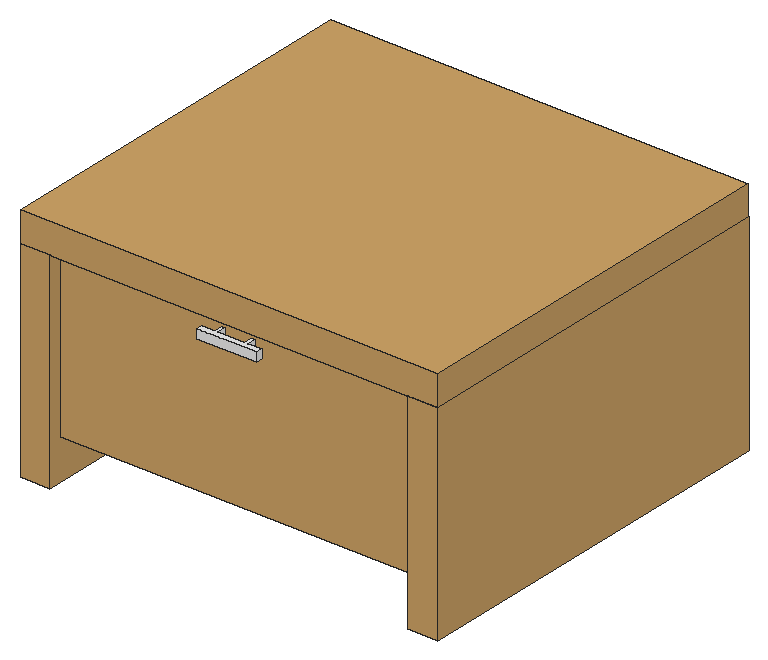
Revit family
Parameters (values of type "700x650x400mm")
  Manufacturer = ""
  Model = ""
  상단 면 재료 = 목재 - 티크, 폭, 약함
  지지 재료 = 목재 - 티크, 폭, 약함
  측면 재료 = 목재 - 티크, 길이, 약함
  손잡이 재료 = 금속 - 크롬(2)
  서랍 재료 = 목재 - 티크, 폭, 약함
  폭 = 700 mm
  깊이 = 650 mm
Types (4, lengths in mm): name | 폭 | 깊이
  (no name) | 700 | 650
  600x550x400mm | 600 | 550
  650x600x400mm | 650 | 600
  700x650x400mm | 700 | 650
Reference planes
  plane 1 "중심(앞/뒤)": y = 0
  plane 2: z = 0
  plane 3 "중심(왼쪽/오른쪽)": x = 0
  plane 4: y = 325
  plane 5: y = -325
  plane 6: x = -350
  plane 7: x = 350
  plane 8: x = -300
  plane 9: x = 300
  plane 10: y = 320
  plane 11: y = 300
  plane 12: y = -305
  plane 13: y = -285
  plane 14: y = -283
  plane 15: z = 400
  plane 16: z = 350
  plane 17: z = 70
  plane 18: z = 90
  plane 19: z = 348
  plane 20: x = -298
  plane 21: x = 298
  plane 22: x = -50
  plane 23: x = 50
  plane 24: x = -25
  plane 25: x = 25
  plane 26: z = 330
  plane 27: z = 315
Forms (mm)
  Extrusion 1, solid, material "목재 - 티크, 길이, 약함" <- "측면 재료"
    sketch origin (0, 0, 0) x (1, 0, 0) y (0, 1, 0)
      loop
        line (-350, 325) -> (-350, -325) -> (-300, -325) -> (-300, 325) -> (-350, 325)
      loop
        line (350, 325) -> (300, 325) -> (300, -325) -> (350, -325) -> (350, 325)
    from 0 to 350
  Extrusion 2, solid, material "목재 - 티크, 길이, 약함" <- "측면 재료"
    sketch origin (0, 0, 0) x (1, 0, 0) y (0, 1, 0)
      loop
        line (-300, 320) -> (-300, 300) -> (300, 300) -> (300, 320) -> (-300, 320)
    from 0 to 350
  Extrusion 3, solid, material "목재 - 티크, 폭, 약함" <- "지지 재료"
    sketch origin (0, 0, 0) x (1, 0, 0) y (0, 1, 0)
      loop
        line (-300, 300) -> (-300, -283) -> (300, -283) -> (300, 300) -> (-300, 300)
    from 70 to 90
  Extrusion 4, solid, material "목재 - 티크, 폭, 약함" <- "상단 면 재료"
    sketch origin (0, 0, 0) x (1, 0, 0) y (0, 1, 0)
      loop
        line (-350, 325) -> (-350, -325) -> (350, -325) -> (350, 325) -> (-350, 325)
    from 350 to 400
  Extrusion 5, solid, material "목재 - 티크, 폭, 약함" <- "서랍 재료"
    sketch origin (0, 0, 0) x (1, 0, 0) y (0, 1, 0)
      loop
        line (-298, -285) -> (-298, -305) -> (298, -305) -> (298, -285) -> (-298, -285)
    from 70 to 348
  Extrusion 6, solid, material "금속 - 크롬(2)" <- "손잡이 재료"
    sketch origin (0, 0, 0) x (1, 0, 0) y (0, 1, 0)
      loop
        line (-50, -320) -> (-50, -330) -> (50, -330) -> (50, -320) -> (27.5, -320) -> (27.5, -305) -> (22.5, -305) -> (22.5, -320) -> (-22.5, -320) -> (-22.5, -305) -> (-27.5, -305) -> (-27.5, -320) -> (-50, -320)
    from 315 to 330
Lines and regions (mm)
  Masking region 1
    outline origin (0, 0, 0) x (1, 0, 0) y (0, 1, 0)
      loop
        line (-350, 325) -> (-350, -325) -> (350, -325) -> (350, 325) -> (-350, 325)
  symbolic lines
    curve 1: line (-350, 325, 0) -> (350, 325, 0)
    curve 2: line (-350, -325, 0) -> (-350, 325, 0)
    curve 3: line (350, -325, 0) -> (-350, -325, 0)
    curve 4: line (350, 325, 0) -> (350, -325, 0)
Dimensions and locks
  plane 6 to plane 8 to plane 20 = 50 mm, 2 mm
  plane 22 to plane 24 to plane 25 to plane 23 = 25 mm, 50 mm, 25 mm
  plane 21 to plane 9 to plane 7 = 2 mm, 50 mm
  equal spacing: plane 6, plane 3 "중심(왼쪽/오른쪽)", plane 7
  "폭": plane 6 to plane 7
  plane 11 to plane 10 to plane 4 = 20 mm, 5 mm
  plane 5 to plane 12 to plane 13 to plane 14 = 20 mm, 20 mm, 2 mm
  equal spacing: plane 5, plane 1 "중심(앞/뒤)", plane 4
  "깊이": plane 5 to plane 4
  aligned and locked: plane 6 to Extrusion 1 sketch curve
  aligned and locked: plane 4 to Extrusion 1 sketch curve
  aligned and locked: plane 5 to Extrusion 1 sketch curve
  aligned and locked: plane 8 to Extrusion 1 sketch curve
  aligned and locked: Extrusion 1 to plane 16
  aligned and locked: plane 8 to Extrusion 2 sketch curve
  aligned and locked: plane 10 to Extrusion 2 sketch curve
  aligned and locked: plane 11 to Extrusion 2 sketch curve
  aligned and locked: plane 9 to Extrusion 2 sketch curve
  aligned and locked: Extrusion 2 to plane 16
  aligned and locked: Extrusion 2 to Extrusion 3 sketch curve
  aligned and locked: Extrusion 3 sketch curve to Extrusion 2
  aligned and locked: plane 14 to Extrusion 3 sketch curve
  aligned and locked: plane 9 to Extrusion 3 sketch curve
  aligned and locked: Extrusion 3 to plane 18
  aligned and locked: plane 17 to Extrusion 3
  aligned and locked: Extrusion 4 sketch curve to Extrusion 1  (x3)
  aligned and locked: Extrusion 1 to Extrusion 4 sketch curve
  aligned and locked: Extrusion 4 to plane 15
  aligned and locked: plane 16 to Extrusion 4
  aligned and locked: plane 20 to Extrusion 5 sketch curve
  aligned and locked: plane 13 to Extrusion 5 sketch curve
  aligned and locked: plane 12 to Extrusion 5 sketch curve
  aligned and locked: plane 21 to Extrusion 5 sketch curve
  aligned and locked: Extrusion 5 to plane 19
  aligned and locked: plane 17 to Extrusion 5
  aligned and locked: Extrusion 6 to plane 26
  aligned and locked: plane 27 to Extrusion 6
Automatic sketch dimensions
  Extrusion 1 sketch curve to plane 5 = 0 mm
  Extrusion 1 sketch curve to plane 9 = 0 mm
  Extrusion 1 sketch curve to plane 7 = 0 mm
  Extrusion 1 sketch curve to plane 4 = 0 mm
  Extrusion 6 sketch curve to plane 22 = 0 mm
  Extrusion 6 sketch curve to plane 12 = 0 mm  (x2)
  Extrusion 6 sketch curve to plane 23 = 0 mm
  Extrusion 6 sketch curve to plane 24 = 2.5 mm
  plane 24 to Extrusion 6 sketch curve = 2.5 mm
  Extrusion 6 sketch curve to plane 25 = 2.5 mm
  plane 25 to Extrusion 6 sketch curve = 2.5 mm
  Extrusion 6 sketch curve to plane 5 = 5 mm  (x2)
  Extrusion 6 sketch curve to Extrusion 6 sketch curve = 0 mm
  plane 5 to Extrusion 6 sketch curve = 5 mm
  Masking region 1 sketch curve to plane 5 = 0 mm
  Masking region 1 sketch curve to plane 6 = 0 mm
  Masking region 1 sketch curve to plane 7 = 0 mm
  Masking region 1 sketch curve to plane 4 = 0 mm
  curve 3 to plane 5 = 0 mm
  curve 3 to plane 6 = 0 mm
  curve 3 to plane 7 = 0 mm
  curve 2 to plane 4 = 0 mm
